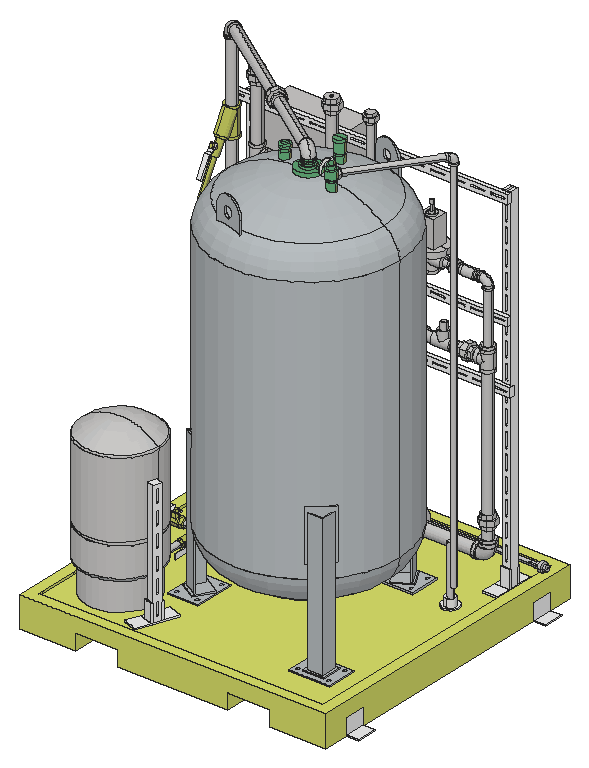
Revit family "Water_Heater-Haws_Corporation-Enclosed_Emergency_Environments_8780", category Plumbing Fixtures, Revit 2018
Family settings
  Round Connector Dimension = Use Diameter
  Part Type = Normal
  OmniClass Number = 23.65.35.11
  Work Plane-Based = No
  Always vertical = Yes
  Cut with Voids When Loaded = No
  Shared = No
  Room Calculation Point = No
Parameters (values of type "8780 - Emergency Water Tempering Skid")
  Waste Connection = WFU = 1  # yes
  WFU = 1  # constant formula
  Voltage = 208 V
  Vent Connection = WFU > 1  # no
  URL = "http://www.hawsco.com/"
  Type Comments = "Skid-mounted tempering system which may supply a number of drench systems or eyewash stations"
  Tubing = Metal - Haws Corporation - Galvanized Steel
  Supply Radius = 5/8"
  Socket = Metal - Haws Corporation - High Polished Stainless Steel
  Skid = Metal - Haws Corporation - Green
  Sanitary Radius = 5/8"
  Product data url = "https://bimobject.com/hawscorporation/product/haws-8780"
  Product Guid = "fce80424-791a-4533-9994-d181b1aada37"
  Power Factor = 0.98475
  Power Consumption = Voltage * Amperage  # 4.16 kW
  Number of Poles = 1
  Flow = 20 GPM
  Expansion Tank = Metal - Haws Corporation - Polished Chrome
  Full Width = 48"  # constant formula
  Model = "8780"
  Manufacturer = "Haws Corporation 1455 Kleppe Lane Sparks, NV 89431"  # constant formula
  Full Length = 60"  # constant formula
  Keynote = "15200"
  HWFU = 1  # constant formula
  HW Connection = HWFU = 1  # yes
  Full Height = 75"  # constant formula
  Edition number = 1
  COLD WATER INLET = 14 1/2"  # constant formula
  Description = "Single or multiple shower and/or eyewash feeder is designed to operate with a number of tempering and electrical options"
  CWFU = 1  # constant formula
  CW Connection = CWFU = 1  # yes
  Storage Tank = Metal - Haws Corporation - Smokey Pearl
  Bracket = Metal - Haws Corporation - Polished Chrome
  BLENDING SYSTEM = Metal - Haws Corporation - Brass
  Assembly Code = "G3010500"
  Apparent Load = Power Consumption / Power Factor  # 4224.41 VA
  Amperage = 20 A
Reference planes
  plane 1 "Center (Front/Back)": y = 0
  plane 2: z = 0
  plane 3 "Center (Left/Right)": x = 0
  plane 4 "Right Piping": x = 541.294
  plane 5 "Blend Center": x = 408.48
  plane 6 "Expansion Line": y = -449.596
  plane 7 "Top Pipe": z = 1819.275
  plane 8 "Down": z = 220.928
  plane 9: y = 590.067
  plane 10: through (0, 0, 2032) normal (-0.5686, -0.8226, 0)
  plane 11: y = 741.262
  plane 12: x = -600.014
  plane 13: x = -854.014
  plane 14: z = 919.797
  plane 15: y = 147.026
  plane 16: x = -72.532
  plane 17: through (149.602, -36.397, 2032) normal (-0.8192, 0.5736, 0)
  plane 18: z = 2218.217
  plane 19: y = 367.753
  plane 20: z = 200.571
  plane 21: z = 196.85
Forms (mm)
  Revolve 1, solid, material "Metal - Haws Corporation - Smokey Pearl" <- "Storage Tank"
    sketch origin (0, 0, 0) x (1, 0, 0) y (0, 0, 1)
      loop
        line (0, 302.709) -> (0, 2127.754)
        arc (0, 2127.754) -> (-201.276, 2102.598) -> (-382.209, 2010.901) r 591.314
        arc (-382.209, 2010.901) -> (-433.641, 1953.02) -> (-458.052, 1879.537) r 192.148
        line (-458.052, 1879.537) -> (-458.052, 550.925)
        arc (-458.052, 550.925) -> (-433.641, 477.443) -> (-382.209, 419.562) r 192.148
        arc (-382.209, 419.562) -> (-201.276, 327.864) -> (0, 302.709) r 591.314
      axis (0, 2127.754) -> (0, 302.709)
    angle from 0 to 360
  Revolve 2, solid, material "Metal - Haws Corporation - Galvanized Steel" <- "Tubing"
    sketch origin (-673.396, -333.012, 2032) x (1, 0, 0) y (0, 0, 1)
      loop
        line (-193.543, -1176.507) -> (-193.543, -1552.938) -> (-190.052, -1552.938) -> (-190.052, -1569.316) -> (-193.543, -1569.316) -> (-193.543, -1716.723)
        arc (-193.543, -1716.723) -> (-189.823, -1725.703) -> (-180.843, -1729.423) r 12.7
        line (-180.843, -1729.423) -> (-168.879, -1729.423) -> (-168.879, -1879.6) -> (0.983, -1879.6) -> (0.983, -1094.705)
        arc (0.983, -1094.705) -> (-100.86, -1113.251) -> (-189.308, -1167.039) r 284.229
        arc (-189.308, -1167.039) -> (-192.436, -1171.321) -> (-193.543, -1176.507) r 12.7
      axis (0.983, -1094.705) -> (0.983, -1879.6)
    angle from 0 to 360
  Extrusion 3, solid, material "Metal - Haws Corporation - Polished Chrome" <- "Bracket"
    sketch origin (-813.056, 634.582, 1927.861) x (0, 0, 1) y (-1, 0, 0)
      loop
        line (-1786.891, 1.587) -> (-1786.891, -39.688) -> (0, -39.688) -> (0, -24.606) -> (-32.834, -24.606)
        arc (-32.834, -24.606) -> (-38.39, -19.05) -> (-32.834, -13.494) r 5.556
        line (-32.834, -13.494) -> (0, -13.494) -> (0, 1.587) -> (-1786.891, 1.587)
      loop
        line (-69.346, -13.494) -> (-134.434, -13.494)
        arc (-134.434, -13.494) -> (-139.99, -19.05) -> (-134.434, -24.606) r 5.556
        line (-134.434, -24.606) -> (-69.346, -24.606)
        arc (-69.346, -24.606) -> (-63.79, -19.05) -> (-69.346, -13.494) r 5.556
      loop
        arc (-272.546, -24.606) -> (-266.99, -19.05) -> (-272.546, -13.494) r 5.556
        line (-272.546, -13.494) -> (-337.634, -13.494)
        arc (-337.634, -13.494) -> (-343.19, -19.05) -> (-337.634, -24.606) r 5.556
        line (-337.634, -24.606) -> (-272.546, -24.606)
      loop
        line (-439.234, -24.606) -> (-374.146, -24.606)
        arc (-374.146, -24.606) -> (-368.59, -19.05) -> (-374.146, -13.494) r 5.556
        line (-374.146, -13.494) -> (-439.234, -13.494)
        arc (-439.234, -13.494) -> (-444.79, -19.05) -> (-439.234, -24.606) r 5.556
      loop
        line (-642.434, -24.606) -> (-577.346, -24.606)
        arc (-577.346, -24.606) -> (-571.79, -19.05) -> (-577.346, -13.494) r 5.556
        line (-577.346, -13.494) -> (-642.434, -13.494)
        arc (-642.434, -13.494) -> (-647.99, -19.05) -> (-642.434, -24.606) r 5.556
      loop
        line (-744.034, -24.606) -> (-678.946, -24.606)
        arc (-678.946, -24.606) -> (-673.39, -19.05) -> (-678.946, -13.494) r 5.556
        line (-678.946, -13.494) -> (-744.034, -13.494)
        arc (-744.034, -13.494) -> (-749.59, -19.05) -> (-744.034, -24.606) r 5.556
      loop
        line (-845.634, -24.606) -> (-780.546, -24.606)
        arc (-780.546, -24.606) -> (-774.99, -19.05) -> (-780.546, -13.494) r 5.556
        line (-780.546, -13.494) -> (-845.634, -13.494)
        arc (-845.634, -13.494) -> (-851.19, -19.05) -> (-845.634, -24.606) r 5.556
      loop
        line (-947.234, -24.606) -> (-882.146, -24.606)
        arc (-882.146, -24.606) -> (-876.59, -19.05) -> (-882.146, -13.494) r 5.556
        line (-882.146, -13.494) -> (-947.234, -13.494)
        arc (-947.234, -13.494) -> (-952.79, -19.05) -> (-947.234, -24.606) r 5.556
      loop
        line (-540.834, -24.606) -> (-475.746, -24.606)
        arc (-475.746, -24.606) -> (-470.19, -19.05) -> (-475.746, -13.494) r 5.556
        line (-475.746, -13.494) -> (-540.834, -13.494)
        arc (-540.834, -13.494) -> (-546.39, -19.05) -> (-540.834, -24.606) r 5.556
      loop
        arc (-170.946, -24.606) -> (-165.39, -19.05) -> (-170.946, -13.494) r 5.556
        line (-170.946, -13.494) -> (-236.034, -13.494)
        arc (-236.034, -13.494) -> (-241.59, -19.05) -> (-236.034, -24.606) r 5.556
        line (-236.034, -24.606) -> (-170.946, -24.606)
      loop
        arc (-1085.346, -24.606) -> (-1079.79, -19.05) -> (-1085.346, -13.494) r 5.556
        line (-1085.346, -13.494) -> (-1150.434, -13.494)
        arc (-1150.434, -13.494) -> (-1155.99, -19.05) -> (-1150.434, -24.606) r 5.556
        line (-1150.434, -24.606) -> (-1085.346, -24.606)
      loop
        line (-1252.034, -24.606) -> (-1186.946, -24.606)
        arc (-1186.946, -24.606) -> (-1181.39, -19.05) -> (-1186.946, -13.494) r 5.556
        line (-1186.946, -13.494) -> (-1252.034, -13.494)
        arc (-1252.034, -13.494) -> (-1257.59, -19.05) -> (-1252.034, -24.606) r 5.556
      loop
        line (-1658.434, -24.606) -> (-1593.346, -24.606)
        arc (-1593.346, -24.606) -> (-1587.79, -19.05) -> (-1593.346, -13.494) r 5.556
        line (-1593.346, -13.494) -> (-1658.434, -13.494)
        arc (-1658.434, -13.494) -> (-1663.99, -19.05) -> (-1658.434, -24.606) r 5.556
      loop
        line (-1760.034, -24.606) -> (-1694.946, -24.606)
        arc (-1694.946, -24.606) -> (-1689.39, -19.05) -> (-1694.946, -13.494) r 5.556
        line (-1694.946, -13.494) -> (-1760.034, -13.494)
        arc (-1760.034, -13.494) -> (-1765.59, -19.05) -> (-1760.034, -24.606) r 5.556
      loop
        arc (-983.746, -24.606) -> (-978.19, -19.05) -> (-983.746, -13.494) r 5.556
        line (-983.746, -13.494) -> (-1048.834, -13.494)
        arc (-1048.834, -13.494) -> (-1054.39, -19.05) -> (-1048.834, -24.606) r 5.556
        line (-1048.834, -24.606) -> (-983.746, -24.606)
      loop
        line (-1353.634, -24.606) -> (-1288.546, -24.606)
        arc (-1288.546, -24.606) -> (-1282.99, -19.05) -> (-1288.546, -13.494) r 5.556
        line (-1288.546, -13.494) -> (-1353.634, -13.494)
        arc (-1353.634, -13.494) -> (-1359.19, -19.05) -> (-1353.634, -24.606) r 5.556
      loop
        arc (-1491.746, -24.606) -> (-1486.19, -19.05) -> (-1491.746, -13.494) r 5.556
        line (-1491.746, -13.494) -> (-1556.834, -13.494)
        arc (-1556.834, -13.494) -> (-1562.39, -19.05) -> (-1556.834, -24.606) r 5.556
        line (-1556.834, -24.606) -> (-1491.746, -24.606)
      loop
        arc (-1390.146, -24.606) -> (-1384.59, -19.05) -> (-1390.146, -13.494) r 5.556
        line (-1390.146, -13.494) -> (-1455.234, -13.494)
        arc (-1455.234, -13.494) -> (-1460.79, -19.05) -> (-1455.234, -24.606) r 5.556
        line (-1455.234, -24.606) -> (-1390.146, -24.606)
      loop
        line (-1786.891, -1319.213) -> (0, -1319.213) -> (0, -1304.131) -> (-32.834, -1304.131)
        arc (-32.834, -1304.131) -> (-38.39, -1298.575) -> (-32.834, -1293.019) r 5.556
        line (-32.834, -1293.019) -> (0, -1293.019) -> (0, -1277.938) -> (-1786.891, -1277.938) -> (-1786.891, -1319.213)
      loop
        arc (-69.346, -1304.131) -> (-63.79, -1298.575) -> (-69.346, -1293.019) r 5.556
        line (-69.346, -1293.019) -> (-134.434, -1293.019)
        arc (-134.434, -1293.019) -> (-139.99, -1298.575) -> (-134.434, -1304.131) r 5.556
        line (-134.434, -1304.131) -> (-69.346, -1304.131)
      loop
        line (-272.546, -1293.019) -> (-337.634, -1293.019)
        arc (-337.634, -1293.019) -> (-343.19, -1298.575) -> (-337.634, -1304.131) r 5.556
        line (-337.634, -1304.131) -> (-272.546, -1304.131)
        arc (-272.546, -1304.131) -> (-266.99, -1298.575) -> (-272.546, -1293.019) r 5.556
      loop
        arc (-439.234, -1293.019) -> (-444.79, -1298.575) -> (-439.234, -1304.131) r 5.556
        line (-439.234, -1304.131) -> (-374.146, -1304.131)
        arc (-374.146, -1304.131) -> (-368.59, -1298.575) -> (-374.146, -1293.019) r 5.556
        line (-374.146, -1293.019) -> (-439.234, -1293.019)
      loop
        arc (-642.434, -1293.019) -> (-647.99, -1298.575) -> (-642.434, -1304.131) r 5.556
        line (-642.434, -1304.131) -> (-577.346, -1304.131)
        arc (-577.346, -1304.131) -> (-571.79, -1298.575) -> (-577.346, -1293.019) r 5.556
        line (-577.346, -1293.019) -> (-642.434, -1293.019)
      loop
        arc (-744.034, -1293.019) -> (-749.59, -1298.575) -> (-744.034, -1304.131) r 5.556
        line (-744.034, -1304.131) -> (-678.946, -1304.131)
        arc (-678.946, -1304.131) -> (-673.39, -1298.575) -> (-678.946, -1293.019) r 5.556
        line (-678.946, -1293.019) -> (-744.034, -1293.019)
      loop
        arc (-845.634, -1293.019) -> (-851.19, -1298.575) -> (-845.634, -1304.131) r 5.556
        line (-845.634, -1304.131) -> (-780.546, -1304.131)
        arc (-780.546, -1304.131) -> (-774.99, -1298.575) -> (-780.546, -1293.019) r 5.556
        line (-780.546, -1293.019) -> (-845.634, -1293.019)
      loop
        arc (-947.234, -1293.019) -> (-952.79, -1298.575) -> (-947.234, -1304.131) r 5.556
        line (-947.234, -1304.131) -> (-882.146, -1304.131)
        arc (-882.146, -1304.131) -> (-876.59, -1298.575) -> (-882.146, -1293.019) r 5.556
        line (-882.146, -1293.019) -> (-947.234, -1293.019)
      loop
        arc (-540.834, -1293.019) -> (-546.39, -1298.575) -> (-540.834, -1304.131) r 5.556
        line (-540.834, -1304.131) -> (-475.746, -1304.131)
        arc (-475.746, -1304.131) -> (-470.19, -1298.575) -> (-475.746, -1293.019) r 5.556
        line (-475.746, -1293.019) -> (-540.834, -1293.019)
      loop
        line (-170.946, -1293.019) -> (-236.034, -1293.019)
        arc (-236.034, -1293.019) -> (-241.59, -1298.575) -> (-236.034, -1304.131) r 5.556
        line (-236.034, -1304.131) -> (-170.946, -1304.131)
        arc (-170.946, -1304.131) -> (-165.39, -1298.575) -> (-170.946, -1293.019) r 5.556
      loop
        line (-1085.346, -1293.019) -> (-1150.434, -1293.019)
        arc (-1150.434, -1293.019) -> (-1155.99, -1298.575) -> (-1150.434, -1304.131) r 5.556
        line (-1150.434, -1304.131) -> (-1085.346, -1304.131)
        arc (-1085.346, -1304.131) -> (-1079.79, -1298.575) -> (-1085.346, -1293.019) r 5.556
      loop
        arc (-1252.034, -1293.019) -> (-1257.59, -1298.575) -> (-1252.034, -1304.131) r 5.556
        line (-1252.034, -1304.131) -> (-1186.946, -1304.131)
        arc (-1186.946, -1304.131) -> (-1181.39, -1298.575) -> (-1186.946, -1293.019) r 5.556
        line (-1186.946, -1293.019) -> (-1252.034, -1293.019)
      loop
        arc (-1658.434, -1293.019) -> (-1663.99, -1298.575) -> (-1658.434, -1304.131) r 5.556
        line (-1658.434, -1304.131) -> (-1593.346, -1304.131)
        arc (-1593.346, -1304.131) -> (-1587.79, -1298.575) -> (-1593.346, -1293.019) r 5.556
        line (-1593.346, -1293.019) -> (-1658.434, -1293.019)
      loop
        arc (-1760.034, -1293.019) -> (-1765.59, -1298.575) -> (-1760.034, -1304.131) r 5.556
        line (-1760.034, -1304.131) -> (-1694.946, -1304.131)
        arc (-1694.946, -1304.131) -> (-1689.39, -1298.575) -> (-1694.946, -1293.019) r 5.556
        line (-1694.946, -1293.019) -> (-1760.034, -1293.019)
      loop
        line (-983.746, -1293.019) -> (-1048.834, -1293.019)
        arc (-1048.834, -1293.019) -> (-1054.39, -1298.575) -> (-1048.834, -1304.131) r 5.556
        line (-1048.834, -1304.131) -> (-983.746, -1304.131)
        arc (-983.746, -1304.131) -> (-978.19, -1298.575) -> (-983.746, -1293.019) r 5.556
      loop
        arc (-1353.634, -1293.019) -> (-1359.19, -1298.575) -> (-1353.634, -1304.131) r 5.556
        line (-1353.634, -1304.131) -> (-1288.546, -1304.131)
        arc (-1288.546, -1304.131) -> (-1282.99, -1298.575) -> (-1288.546, -1293.019) r 5.556
        line (-1288.546, -1293.019) -> (-1353.634, -1293.019)
      loop
        line (-1491.746, -1293.019) -> (-1556.834, -1293.019)
        arc (-1556.834, -1293.019) -> (-1562.39, -1298.575) -> (-1556.834, -1304.131) r 5.556
        line (-1556.834, -1304.131) -> (-1491.746, -1304.131)
        arc (-1491.746, -1304.131) -> (-1486.19, -1298.575) -> (-1491.746, -1293.019) r 5.556
      loop
        line (-1390.146, -1293.019) -> (-1455.234, -1293.019)
        arc (-1455.234, -1293.019) -> (-1460.79, -1298.575) -> (-1455.234, -1304.131) r 5.556
        line (-1455.234, -1304.131) -> (-1390.146, -1304.131)
        arc (-1390.146, -1304.131) -> (-1384.59, -1298.575) -> (-1390.146, -1293.019) r 5.556
      loop
        line (-1778, -249.237) -> (-1778, -290.624) -> (-863.6, -290.624) -> (-863.6, -249.237) -> (-1778, -249.237)
      loop
        line (-1251.712, -275.431) -> (-1186.624, -275.431)
        arc (-1186.624, -275.431) -> (-1181.124, -269.931) -> (-1186.624, -264.43) r 5.501
        line (-1186.624, -264.43) -> (-1251.712, -264.43)
        arc (-1251.712, -264.43) -> (-1257.213, -269.931) -> (-1251.712, -275.431) r 5.501
      loop
        line (-1150.112, -275.431) -> (-1085.024, -275.431)
        arc (-1085.024, -275.431) -> (-1079.524, -269.931) -> (-1085.024, -264.43) r 5.501
        line (-1085.024, -264.43) -> (-1150.112, -264.43)
        arc (-1150.112, -264.43) -> (-1155.613, -269.931) -> (-1150.112, -275.431) r 5.501
      loop
        line (-1353.312, -275.431) -> (-1288.225, -275.431)
        arc (-1288.225, -275.431) -> (-1282.724, -269.931) -> (-1288.225, -264.43) r 5.501
        line (-1288.225, -264.43) -> (-1353.312, -264.43)
        arc (-1353.312, -264.43) -> (-1358.813, -269.931) -> (-1353.312, -275.431) r 5.501
      loop
        line (-1454.912, -275.431) -> (-1389.825, -275.431)
        arc (-1389.825, -275.431) -> (-1384.324, -269.931) -> (-1389.825, -264.43) r 5.501
        line (-1389.825, -264.43) -> (-1454.912, -264.43)
        arc (-1454.912, -264.43) -> (-1460.413, -269.931) -> (-1454.912, -275.431) r 5.501
      loop
        line (-1556.512, -275.431) -> (-1491.425, -275.431)
        arc (-1491.425, -275.431) -> (-1485.924, -269.931) -> (-1491.425, -264.43) r 5.501
        line (-1491.425, -264.43) -> (-1556.512, -264.43)
        arc (-1556.512, -264.43) -> (-1562.013, -269.931) -> (-1556.512, -275.431) r 5.501
      loop
        line (-1048.512, -275.431) -> (-983.424, -275.431)
        arc (-983.424, -275.431) -> (-977.924, -269.931) -> (-983.424, -264.43) r 5.501
        line (-983.424, -264.43) -> (-1048.512, -264.43)
        arc (-1048.512, -264.43) -> (-1054.013, -269.931) -> (-1048.512, -275.431) r 5.501
      loop
        line (-946.793, -275.431) -> (-881.705, -275.431)
        arc (-881.705, -275.431) -> (-876.205, -269.931) -> (-881.705, -264.43) r 5.501
        line (-881.705, -264.43) -> (-946.793, -264.43)
        arc (-946.793, -264.43) -> (-952.294, -269.931) -> (-946.793, -275.431) r 5.501
      loop
        line (-1658.112, -275.431) -> (-1593.025, -275.431)
        arc (-1593.025, -275.431) -> (-1587.524, -269.931) -> (-1593.025, -264.43) r 5.501
        line (-1593.025, -264.43) -> (-1658.112, -264.43)
        arc (-1658.112, -264.43) -> (-1663.613, -269.931) -> (-1658.112, -275.431) r 5.501
      loop
        line (-1759.712, -275.431) -> (-1694.625, -275.431)
        arc (-1694.625, -275.431) -> (-1689.124, -269.931) -> (-1694.625, -264.43) r 5.501
        line (-1694.625, -264.43) -> (-1759.712, -264.43)
        arc (-1759.712, -264.43) -> (-1765.213, -269.931) -> (-1759.712, -275.431) r 5.501
    from -41.275 to 0
  Extrusion 4, solid, material "Metal - Haws Corporation - Polished Chrome" <- "Bracket"
    sketch origin (-814.644, 613.945, 1372.299) x (1, 0, 0) y (0, 0, 1)
      loop
        line (1320.8, 549.212) -> (-76.2, 549.212) -> (-76.2, 507.238) -> (1320.8, 507.238) -> (1320.8, 549.212)
      loop
        line (1138.885, 523.456) -> (1204.849, 523.456)
        arc (1204.849, 523.456) -> (1209.967, 528.574) -> (1204.849, 533.692) r 5.118
        line (1204.849, 533.692) -> (1138.885, 533.692)
        arc (1138.885, 533.692) -> (1133.767, 528.574) -> (1138.885, 523.456) r 5.118
      loop
        line (1038.809, 523.456) -> (1104.773, 523.456)
        arc (1104.773, 523.456) -> (1109.891, 528.574) -> (1104.773, 533.692) r 5.118
        line (1104.773, 533.692) -> (1038.809, 533.692)
        arc (1038.809, 533.692) -> (1033.691, 528.574) -> (1038.809, 523.456) r 5.118
      loop
        line (1238.961, 523.456) -> (1304.925, 523.456)
        arc (1304.925, 523.456) -> (1310.043, 528.574) -> (1304.925, 533.692) r 5.118
        line (1304.925, 533.692) -> (1238.961, 533.692)
        arc (1238.961, 533.692) -> (1233.843, 528.574) -> (1238.961, 523.456) r 5.118
      loop
        line (938.733, 523.456) -> (1004.697, 523.456)
        arc (1004.697, 523.456) -> (1009.815, 528.574) -> (1004.697, 533.692) r 5.118
        line (1004.697, 533.692) -> (938.733, 533.692)
        arc (938.733, 533.692) -> (933.615, 528.574) -> (938.733, 523.456) r 5.118
      loop
        line (838.657, 523.456) -> (904.621, 523.456)
        arc (904.621, 523.456) -> (909.739, 528.574) -> (904.621, 533.692) r 5.118
        line (904.621, 533.692) -> (838.657, 533.692)
        arc (838.657, 533.692) -> (833.539, 528.574) -> (838.657, 523.456) r 5.118
      loop
        line (738.581, 523.456) -> (804.545, 523.456)
        arc (804.545, 523.456) -> (809.663, 528.574) -> (804.545, 533.692) r 5.118
        line (804.545, 533.692) -> (738.581, 533.692)
        arc (738.581, 533.692) -> (733.463, 528.574) -> (738.581, 523.456) r 5.118
      loop
        line (638.505, 523.456) -> (704.469, 523.456)
        arc (704.469, 523.456) -> (709.587, 528.574) -> (704.469, 533.692) r 5.118
        line (704.469, 533.692) -> (638.505, 533.692)
        arc (638.505, 533.692) -> (633.387, 528.574) -> (638.505, 523.456) r 5.118
      loop
        line (538.429, 523.456) -> (604.393, 523.456)
        arc (604.393, 523.456) -> (609.511, 528.574) -> (604.393, 533.692) r 5.118
        line (604.393, 533.692) -> (538.429, 533.692)
        arc (538.429, 533.692) -> (533.311, 528.574) -> (538.429, 523.456) r 5.118
      loop
        line (438.353, 523.456) -> (504.317, 523.456)
        arc (504.317, 523.456) -> (509.435, 528.574) -> (504.317, 533.692) r 5.118
        line (504.317, 533.692) -> (438.353, 533.692)
        arc (438.353, 533.692) -> (433.235, 528.574) -> (438.353, 523.456) r 5.118
      loop
        line (338.277, 523.456) -> (404.241, 523.456)
        arc (404.241, 523.456) -> (409.359, 528.574) -> (404.241, 533.692) r 5.118
        line (404.241, 533.692) -> (338.277, 533.692)
        arc (338.277, 533.692) -> (333.159, 528.574) -> (338.277, 523.456) r 5.118
      loop
        line (238.201, 523.456) -> (304.165, 523.456)
        arc (304.165, 523.456) -> (309.283, 528.574) -> (304.165, 533.692) r 5.118
        line (304.165, 533.692) -> (238.201, 533.692)
        arc (238.201, 533.692) -> (233.083, 528.574) -> (238.201, 523.456) r 5.118
      loop
        line (138.125, 523.456) -> (204.089, 523.456)
        arc (204.089, 523.456) -> (209.207, 528.574) -> (204.089, 533.692) r 5.118
        line (204.089, 533.692) -> (138.125, 533.692)
        arc (138.125, 533.692) -> (133.007, 528.574) -> (138.125, 523.456) r 5.118
      loop
        line (38.049, 523.456) -> (104.013, 523.456)
        arc (104.013, 523.456) -> (109.131, 528.574) -> (104.013, 533.692) r 5.118
        line (104.013, 533.692) -> (38.049, 533.692)
        arc (38.049, 533.692) -> (32.931, 528.574) -> (38.049, 523.456) r 5.118
      loop
        line (-62.027, 523.456) -> (3.937, 523.456)
        arc (3.937, 523.456) -> (9.055, 528.574) -> (3.937, 533.692) r 5.118
        line (3.937, 533.692) -> (-62.027, 533.692)
        arc (-62.027, 533.692) -> (-67.145, 528.574) -> (-62.027, 523.456) r 5.118
      loop
        line (1320.8, 1.588) -> (-76.2, 1.588) -> (-76.2, -40.386) -> (1320.8, -40.386) -> (1320.8, 1.588)
      loop
        line (1138.885, -24.168) -> (1204.849, -24.168)
        arc (1204.849, -24.168) -> (1209.967, -19.05) -> (1204.849, -13.932) r 5.118
        line (1204.849, -13.932) -> (1138.885, -13.932)
        arc (1138.885, -13.932) -> (1133.767, -19.05) -> (1138.885, -24.168) r 5.118
      loop
        line (1038.809, -24.168) -> (1104.773, -24.168)
        arc (1104.773, -24.168) -> (1109.891, -19.05) -> (1104.773, -13.932) r 5.118
        line (1104.773, -13.932) -> (1038.809, -13.932)
        arc (1038.809, -13.932) -> (1033.691, -19.05) -> (1038.809, -24.168) r 5.118
      loop
        line (1238.961, -24.168) -> (1304.925, -24.168)
        arc (1304.925, -24.168) -> (1310.043, -19.05) -> (1304.925, -13.932) r 5.118
        line (1304.925, -13.932) -> (1238.961, -13.932)
        arc (1238.961, -13.932) -> (1233.843, -19.05) -> (1238.961, -24.168) r 5.118
      loop
        line (938.733, -24.168) -> (1004.697, -24.168)
        arc (1004.697, -24.168) -> (1009.815, -19.05) -> (1004.697, -13.932) r 5.118
        line (1004.697, -13.932) -> (938.733, -13.932)
        arc (938.733, -13.932) -> (933.615, -19.05) -> (938.733, -24.168) r 5.118
      loop
        line (838.657, -24.168) -> (904.621, -24.168)
        arc (904.621, -24.168) -> (909.739, -19.05) -> (904.621, -13.932) r 5.118
        line (904.621, -13.932) -> (838.657, -13.932)
        arc (838.657, -13.932) -> (833.539, -19.05) -> (838.657, -24.168) r 5.118
      loop
        line (738.581, -24.168) -> (804.545, -24.168)
        arc (804.545, -24.168) -> (809.663, -19.05) -> (804.545, -13.932) r 5.118
        line (804.545, -13.932) -> (738.581, -13.932)
        arc (738.581, -13.932) -> (733.463, -19.05) -> (738.581, -24.168) r 5.118
      loop
        line (638.505, -24.168) -> (704.469, -24.168)
        arc (704.469, -24.168) -> (709.587, -19.05) -> (704.469, -13.932) r 5.118
        line (704.469, -13.932) -> (638.505, -13.932)
        arc (638.505, -13.932) -> (633.387, -19.05) -> (638.505, -24.168) r 5.118
      loop
        line (538.429, -24.168) -> (604.393, -24.168)
        arc (604.393, -24.168) -> (609.511, -19.05) -> (604.393, -13.932) r 5.118
        line (604.393, -13.932) -> (538.429, -13.932)
        arc (538.429, -13.932) -> (533.311, -19.05) -> (538.429, -24.168) r 5.118
      loop
        line (438.353, -24.168) -> (504.317, -24.168)
        arc (504.317, -24.168) -> (509.435, -19.05) -> (504.317, -13.932) r 5.118
        line (504.317, -13.932) -> (438.353, -13.932)
        arc (438.353, -13.932) -> (433.235, -19.05) -> (438.353, -24.168) r 5.118
      loop
        line (338.277, -24.168) -> (404.241, -24.168)
        arc (404.241, -24.168) -> (409.359, -19.05) -> (404.241, -13.932) r 5.118
        line (404.241, -13.932) -> (338.277, -13.932)
        arc (338.277, -13.932) -> (333.159, -19.05) -> (338.277, -24.168) r 5.118
      loop
        line (238.201, -24.168) -> (304.165, -24.168)
        arc (304.165, -24.168) -> (309.283, -19.05) -> (304.165, -13.932) r 5.118
        line (304.165, -13.932) -> (238.201, -13.932)
        arc (238.201, -13.932) -> (233.083, -19.05) -> (238.201, -24.168) r 5.118
      loop
        line (138.125, -24.168) -> (204.089, -24.168)
        arc (204.089, -24.168) -> (209.207, -19.05) -> (204.089, -13.932) r 5.118
        line (204.089, -13.932) -> (138.125, -13.932)
        arc (138.125, -13.932) -> (133.007, -19.05) -> (138.125, -24.168) r 5.118
      loop
        line (38.049, -24.168) -> (104.013, -24.168)
        arc (104.013, -24.168) -> (109.131, -19.05) -> (104.013, -13.932) r 5.118
        line (104.013, -13.932) -> (38.049, -13.932)
        arc (38.049, -13.932) -> (32.931, -19.05) -> (38.049, -24.168) r 5.118
      loop
        line (-62.027, -24.168) -> (3.937, -24.168)
        arc (3.937, -24.168) -> (9.055, -19.05) -> (3.937, -13.932) r 5.118
        line (3.937, -13.932) -> (-62.027, -13.932)
        arc (-62.027, -13.932) -> (-67.145, -19.05) -> (-62.027, -24.168) r 5.118
      loop
        line (1331.723, -311.214) -> (-65.277, -311.214) -> (-65.277, -353.187) -> (1331.723, -353.187) -> (1331.723, -311.214)
      loop
        line (1149.808, -336.969) -> (1215.772, -336.969)
        arc (1215.772, -336.969) -> (1220.89, -331.851) -> (1215.772, -326.733) r 5.118
        line (1215.772, -326.733) -> (1149.808, -326.733)
        arc (1149.808, -326.733) -> (1144.69, -331.851) -> (1149.808, -336.969) r 5.118
      loop
        line (1049.732, -336.969) -> (1115.696, -336.969)
        arc (1115.696, -336.969) -> (1120.814, -331.851) -> (1115.696, -326.733) r 5.118
        line (1115.696, -326.733) -> (1049.732, -326.733)
        arc (1049.732, -326.733) -> (1044.614, -331.851) -> (1049.732, -336.969) r 5.118
      loop
        line (1249.884, -336.969) -> (1315.848, -336.969)
        arc (1315.848, -336.969) -> (1320.966, -331.851) -> (1315.848, -326.733) r 5.118
        line (1315.848, -326.733) -> (1249.884, -326.733)
        arc (1249.884, -326.733) -> (1244.766, -331.851) -> (1249.884, -336.969) r 5.118
      loop
        line (949.656, -336.969) -> (1015.62, -336.969)
        arc (1015.62, -336.969) -> (1020.738, -331.851) -> (1015.62, -326.733) r 5.118
        line (1015.62, -326.733) -> (949.656, -326.733)
        arc (949.656, -326.733) -> (944.538, -331.851) -> (949.656, -336.969) r 5.118
      loop
        line (849.58, -336.969) -> (915.544, -336.969)
        arc (915.544, -336.969) -> (920.662, -331.851) -> (915.544, -326.733) r 5.118
        line (915.544, -326.733) -> (849.58, -326.733)
        arc (849.58, -326.733) -> (844.462, -331.851) -> (849.58, -336.969) r 5.118
      loop
        line (749.504, -336.969) -> (815.468, -336.969)
        arc (815.468, -336.969) -> (820.586, -331.851) -> (815.468, -326.733) r 5.118
        line (815.468, -326.733) -> (749.504, -326.733)
        arc (749.504, -326.733) -> (744.386, -331.851) -> (749.504, -336.969) r 5.118
      loop
        line (649.428, -336.969) -> (715.392, -336.969)
        arc (715.392, -336.969) -> (720.51, -331.851) -> (715.392, -326.733) r 5.118
        line (715.392, -326.733) -> (649.428, -326.733)
        arc (649.428, -326.733) -> (644.31, -331.851) -> (649.428, -336.969) r 5.118
      loop
        line (549.352, -336.969) -> (615.316, -336.969)
        arc (615.316, -336.969) -> (620.434, -331.851) -> (615.316, -326.733) r 5.118
        line (615.316, -326.733) -> (549.352, -326.733)
        arc (549.352, -326.733) -> (544.234, -331.851) -> (549.352, -336.969) r 5.118
      loop
        line (449.276, -336.969) -> (515.24, -336.969)
        arc (515.24, -336.969) -> (520.358, -331.851) -> (515.24, -326.733) r 5.118
        line (515.24, -326.733) -> (449.276, -326.733)
        arc (449.276, -326.733) -> (444.158, -331.851) -> (449.276, -336.969) r 5.118
      loop
        line (349.2, -336.969) -> (415.164, -336.969)
        arc (415.164, -336.969) -> (420.282, -331.851) -> (415.164, -326.733) r 5.118
        line (415.164, -326.733) -> (349.2, -326.733)
        arc (349.2, -326.733) -> (344.082, -331.851) -> (349.2, -336.969) r 5.118
      loop
        line (249.124, -336.969) -> (315.088, -336.969)
        arc (315.088, -336.969) -> (320.206, -331.851) -> (315.088, -326.733) r 5.118
        line (315.088, -326.733) -> (249.124, -326.733)
        arc (249.124, -326.733) -> (244.006, -331.851) -> (249.124, -336.969) r 5.118
      loop
        line (149.048, -336.969) -> (215.012, -336.969)
        arc (215.012, -336.969) -> (220.13, -331.851) -> (215.012, -326.733) r 5.118
        line (215.012, -326.733) -> (149.048, -326.733)
        arc (149.048, -326.733) -> (143.93, -331.851) -> (149.048, -336.969) r 5.118
      loop
        line (48.972, -336.969) -> (114.936, -336.969)
        arc (114.936, -336.969) -> (120.054, -331.851) -> (114.936, -326.733) r 5.118
        line (114.936, -326.733) -> (48.972, -326.733)
        arc (48.972, -326.733) -> (43.854, -331.851) -> (48.972, -336.969) r 5.118
      loop
        line (-51.104, -336.969) -> (14.86, -336.969)
        arc (14.86, -336.969) -> (19.978, -331.851) -> (14.86, -326.733) r 5.118
        line (14.86, -326.733) -> (-51.104, -326.733)
        arc (-51.104, -326.733) -> (-56.222, -331.851) -> (-51.104, -336.969) r 5.118
    from -20.637 to 0
  Extrusion 5, solid, material "Metal - Haws Corporation - Galvanized Steel"
    sketch origin (-813.056, 675.857, 1927.861) x (0, 0, -1) y (-1, 0, 0)
      loop
        line (47.587, -471.208) -> (554.063, -471.208) -> (554.063, -66.332) -> (47.587, -66.332) -> (47.587, -471.208)
    from -33.325 to 141.935
  Revolve 6, solid, material "Metal - Haws Corporation - Green Powder Coating"
    sketch origin (0, 0, 0) x (1, 0, 0) y (0, 0, 1)
      loop
        line (0, 2127.082) -> (61.824, 2127.082) -> (61.824, 2144.395) -> (20.23, 2144.395) -> (20.23, 2147.545) -> (35.844, 2147.545) -> (35.844, 2156.168) -> (24.003, 2156.168) -> (24.003, 2168.84) -> (29.748, 2168.84)
        arc (29.748, 2168.84) -> (30.677, 2169.225) -> (31.061, 2170.153) r 1.313
        line (31.061, 2170.153) -> (31.061, 2177.212)
        arc (31.061, 2177.212) -> (30.759, 2178.041) -> (29.995, 2178.482) r 1.29
        arc (29.995, 2178.482) -> (28.889, 2179.16) -> (28.543, 2180.41) r 1.77
        line (28.543, 2180.41) -> (28.543, 2186.379) -> (0, 2186.379) -> (0, 2127.082)
      axis (0, 2127.082) -> (0, 2186.379)
    angle from 0 to 360
  Extrusion 7, void
    sketch origin (0, -449.596, 0) x (-1, 0, 0) y (0, 0, 1)
      loop
        line (907.989, 152.4) -> (-514.411, 152.4) -> (-514.411, 140.97) -> (907.989, 140.97) -> (907.989, 152.4)
    from -99.939 to 1322.461
  Extrusion 8, solid, material "Metal - Haws Corporation - Polished Chrome" <- "Bracket"
    sketch origin (-897.194, 717.132, 1018.223) x (0, 0, 1) y (1, 0, 0)
      loop
        line (-39.687, 0) -> (-24.383, 0) -> (-24.383, 51.562)
        arc (-24.383, 51.562) -> (-18.939, 57.007) -> (-13.494, 51.562) r 5.445
        line (-13.494, 51.562) -> (-13.494, 0) -> (1.588, 0) -> (1.588, 374.65) -> (-39.687, 374.65) -> (-39.687, 0)
      loop
        line (-13.494, 189.674) -> (-13.494, 254.762)
        arc (-13.494, 254.762) -> (-18.939, 260.207) -> (-24.383, 254.762) r 5.445
        line (-24.383, 254.762) -> (-24.383, 189.674)
        arc (-24.383, 189.674) -> (-18.939, 184.23) -> (-13.494, 189.674) r 5.445
      loop
        line (-13.494, 290.671) -> (-13.494, 355.759)
        arc (-13.494, 355.759) -> (-18.939, 361.204) -> (-24.383, 355.759) r 5.445
        line (-24.383, 355.759) -> (-24.383, 290.671)
        arc (-24.383, 290.671) -> (-18.939, 285.226) -> (-13.494, 290.671) r 5.445
      loop
        line (-13.494, 88.074) -> (-13.494, 153.162)
        arc (-13.494, 153.162) -> (-18.939, 158.607) -> (-24.383, 153.162) r 5.445
        line (-24.383, 153.162) -> (-24.383, 88.074)
        arc (-24.383, 88.074) -> (-18.939, 82.63) -> (-13.494, 88.074) r 5.445
      loop
        line (-414.338, 0) -> (-373.063, 0) -> (-373.063, 508) -> (-414.338, 508) -> (-414.338, 0)
      loop
        line (-388.144, 323.024) -> (-388.144, 388.112)
        arc (-388.144, 388.112) -> (-393.589, 393.557) -> (-399.033, 388.112) r 5.445
        line (-399.033, 388.112) -> (-399.033, 323.024)
        arc (-399.033, 323.024) -> (-393.589, 317.58) -> (-388.144, 323.024) r 5.445
      loop
        line (-388.144, 424.021) -> (-388.144, 489.109)
        arc (-388.144, 489.109) -> (-393.589, 494.554) -> (-399.033, 489.109) r 5.445
        line (-399.033, 489.109) -> (-399.033, 424.021)
        arc (-399.033, 424.021) -> (-393.589, 418.576) -> (-388.144, 424.021) r 5.445
      loop
        line (-388.144, 221.424) -> (-388.144, 286.512)
        arc (-388.144, 286.512) -> (-393.589, 291.957) -> (-399.033, 286.512) r 5.445
        line (-399.033, 286.512) -> (-399.033, 221.424)
        arc (-399.033, 221.424) -> (-393.589, 215.98) -> (-388.144, 221.424) r 5.445
      loop
        line (-388.144, 120.428) -> (-388.144, 185.515)
        arc (-388.144, 185.515) -> (-393.589, 190.96) -> (-399.033, 185.515) r 5.445
        line (-399.033, 185.515) -> (-399.033, 120.428)
        arc (-399.033, 120.428) -> (-393.589, 114.983) -> (-388.144, 120.428) r 5.445
      loop
        line (-388.144, 18.828) -> (-388.144, 83.915)
        arc (-388.144, 83.915) -> (-393.589, 89.36) -> (-399.033, 83.915) r 5.445
        line (-399.033, 83.915) -> (-399.033, 18.828)
        arc (-399.033, 18.828) -> (-393.589, 13.383) -> (-388.144, 18.828) r 5.445
    from 0 to -41.275
  Extrusion 9, solid, material "Metal - Haws Corporation - Polished Chrome" <- "Bracket"
    sketch origin (-561.279, 331.338, 1673.861) x (0, 0, 1) y (0, 1, 0)
      loop
        line (-341.249, -41.243) -> (-299.974, -41.243) -> (-299.974, 282.607) -> (-341.249, 282.607) -> (-341.249, -41.243)
      loop
        line (-315.055, 78.645) -> (-315.055, 143.732)
        arc (-315.055, 143.732) -> (-320.612, 149.288) -> (-326.168, 143.732) r 5.556
        line (-326.168, 143.732) -> (-326.168, 78.645)
        arc (-326.168, 78.645) -> (-320.612, 73.088) -> (-315.055, 78.645) r 5.556
      loop
        line (-315.055, 180.245) -> (-315.055, 245.332)
        arc (-315.055, 245.332) -> (-320.612, 250.889) -> (-326.168, 245.332) r 5.556
        line (-326.168, 245.332) -> (-326.168, 180.245)
        arc (-326.168, 180.245) -> (-320.612, 174.688) -> (-315.055, 180.245) r 5.556
      loop
        line (-315.055, -22.955) -> (-315.055, 42.132)
        arc (-315.055, 42.132) -> (-320.612, 47.688) -> (-326.168, 42.132) r 5.556
        line (-326.168, 42.132) -> (-326.168, -22.955)
        arc (-326.168, -22.955) -> (-320.612, -28.512) -> (-315.055, -22.955) r 5.556
    from 0 to 41.275
  Extrusion 10, solid, material "Metal - Haws Corporation - Polished Chrome" <- "Bracket"
    sketch origin (-522.544, 636.17, 1064.261) x (0, 0, 1) y (0, -1, 0)
      loop
        line (-460.375, -39.687) -> (-419.1, -39.687) -> (-419.1, 341.313) -> (-460.375, 341.313) -> (-460.375, -39.687)
      loop
        line (-434.181, 80.201) -> (-434.181, 145.288)
        arc (-434.181, 145.288) -> (-439.738, 150.844) -> (-445.294, 145.288) r 5.556
        line (-445.294, 145.288) -> (-445.294, 80.201)
        arc (-445.294, 80.201) -> (-439.738, 74.644) -> (-434.181, 80.201) r 5.556
      loop
        line (-434.181, 181.801) -> (-434.181, 246.888)
        arc (-434.181, 246.888) -> (-439.738, 252.444) -> (-445.294, 246.888) r 5.556
        line (-445.294, 246.888) -> (-445.294, 181.801)
        arc (-445.294, 181.801) -> (-439.738, 176.244) -> (-434.181, 181.801) r 5.556
      loop
        line (-434.181, -21.399) -> (-434.181, 43.688)
        arc (-434.181, 43.688) -> (-439.738, 49.244) -> (-445.294, 43.688) r 5.556
        line (-445.294, 43.688) -> (-445.294, -21.399)
        arc (-445.294, -21.399) -> (-439.738, -26.956) -> (-434.181, -21.399) r 5.556
    from 0 to 43.815
  Extrusion 11, solid, material "Metal - Haws Corporation - Smokey Pearl" <- "Storage Tank"
    sketch origin (-100.025, -374.199, 1762.76) x (0, 0, 1) y (-0.965926, 0.258819, 0)
      loop
        arc (302.26, -76.2) -> (378.46, 0) -> (302.26, 76.2) r 76.2
        line (302.26, 76.2) -> (232.41, 76.2) -> (232.41, -76.2) -> (302.26, -76.2)
      loop
        circle (302.26, 0) r 25.4
    from -6.35 to 0
  Extrusion 12, solid, material "Metal - Haws Corporation - Smokey Pearl" <- "Storage Tank"
    sketch origin (99.322, 369.776, 1762.76) x (0, 0, 1) y (-0.965926, 0.258819, 0)
      loop
        arc (302.26, -76.2) -> (378.46, 0) -> (302.26, 76.2) r 76.2
        line (302.26, 76.2) -> (232.41, 76.2) -> (232.41, -76.2) -> (302.26, -76.2)
      loop
        circle (302.26, 0) r 25.4
    from -6.35 to 0
  Extrusion 13, solid, material "Metal - Haws Corporation - Smokey Pearl" <- "Storage Tank"
    sketch origin (0.228, -0.047, 852.17) x (0, 1, 0) y (-1, 0, 0)
      loop
        line (-172.21, 434.513) -> (-166.71, 431.338) -> (-131.785, 491.83) -> (-71.294, 456.905) -> (-68.119, 462.404) -> (-134.11, 500.504) -> (-172.21, 434.513)
    from 0 to -699.77
  Extrusion 14, solid, material "Metal - Haws Corporation - Smokey Pearl" <- "Storage Tank"
    sketch origin (-0.073, 0.221, 852.17) x (-0.866003, -0.500039, 0) y (0.500039, -0.866003, 0)
      loop
        line (-172.21, 434.513) -> (-166.71, 431.338) -> (-131.785, 491.83) -> (-71.294, 456.905) -> (-68.119, 462.404) -> (-134.11, 500.504) -> (-172.21, 434.513)
    from 0 to -699.77
  Extrusion 15, solid, material "Metal - Haws Corporation - Smokey Pearl" <- "Storage Tank"
    sketch origin (-0.155, -0.174, 852.17) x (0.8657, -0.500564, 0) y (0.500564, 0.8657, 0)
      loop
        line (-172.21, 434.513) -> (-166.71, 431.338) -> (-131.785, 491.83) -> (-71.294, 456.905) -> (-68.119, 462.404) -> (-134.11, 500.504) -> (-172.21, 434.513)
    from 0 to -699.77
  Extrusion 16, solid, material "Metal - Haws Corporation - Smokey Pearl" <- "Storage Tank"
    sketch origin (-372.03, -18.611, 147.32) x (0, 1, 0) y (-1, 0, 0)
      loop
        line (-203.2, 152.4) -> (-203.2, 0) -> (0, 0) -> (0, 152.4) -> (-203.2, 152.4)
      loop
        circle (-177.789, 127.023) r 7.919
      loop
        circle (-177.789, 25.377) r 7.919
      loop
        circle (-25.411, 127.023) r 7.919
      loop
        circle (-25.411, 25.377) r 7.919
      loop
        line (390.823, -594.023) -> (543.223, -594.023) -> (543.223, -390.823) -> (390.823, -390.823) -> (390.823, -594.023)
      loop
        circle (416.2, -568.611) r 7.919
      loop
        circle (517.846, -568.611) r 7.919
      loop
        circle (416.2, -416.234) r 7.919
      loop
        circle (517.846, -416.234) r 7.919
      loop
        line (-385.93, -802.153) -> (-233.53, -802.153) -> (-233.53, -598.953) -> (-385.93, -598.953) -> (-385.93, -802.153)
      loop
        circle (-360.554, -776.742) r 7.919
      loop
        circle (-258.907, -776.742) r 7.919
      loop
        circle (-360.554, -624.364) r 7.919
      loop
        circle (-258.907, -624.364) r 7.919
    from -6.35 to 0
  Extrusion 17, solid, material "Metal - Haws Corporation - Smokey Pearl" <- "Storage Tank"
    sketch origin (-372.03, -18.611, 147.32) x (0, 1, 0) y (-1, 0, 0)
      loop
        line (-360.53, -751.353) -> (-258.93, -751.353) -> (-258.93, -649.753) -> (-360.53, -649.753) -> (-360.53, -751.353)
      loop
        line (536.417, -511.017) -> (485.617, -423.029) -> (397.629, -473.829) -> (448.429, -561.817) -> (536.417, -511.017)
      loop
        line (-120.194, 145.594) -> (-170.994, 57.606) -> (-83.006, 6.806) -> (-32.206, 94.794) -> (-120.194, 145.594)
    from 0 to 6.35
  Extrusion 18, solid, material "Metal - Haws Corporation - Polished Chrome" <- "Bracket"
    sketch origin (-561.279, 331.338, 1673.861) x (0, 0, 1) y (0, 1, 0)
      loop
        line (-1521.461, 1.588) -> (-1521.461, -39.687) -> (0, -39.687) -> (0, 1.587) -> (-1521.461, 1.588)
      loop
        line (-18.347, -13.302) -> (-82.819, -13.302)
        arc (-82.819, -13.302) -> (-88.413, -18.896) -> (-82.819, -24.49) r 5.594
        line (-82.819, -24.49) -> (-18.347, -24.49)
        arc (-18.347, -24.49) -> (-12.753, -18.896) -> (-18.347, -13.302) r 5.594
      loop
        line (-119.947, -13.302) -> (-184.419, -13.302)
        arc (-184.419, -13.302) -> (-190.013, -18.896) -> (-184.419, -24.49) r 5.594
        line (-184.419, -24.49) -> (-119.947, -24.49)
        arc (-119.947, -24.49) -> (-114.353, -18.896) -> (-119.947, -13.302) r 5.594
      loop
        line (-221.547, -13.302) -> (-286.019, -13.302)
        arc (-286.019, -13.302) -> (-291.613, -18.896) -> (-286.019, -24.49) r 5.594
        line (-286.019, -24.49) -> (-221.547, -24.49)
        arc (-221.547, -24.49) -> (-215.953, -18.896) -> (-221.547, -13.302) r 5.594
      loop
        line (-323.147, -13.302) -> (-387.619, -13.302)
        arc (-387.619, -13.302) -> (-393.213, -18.896) -> (-387.619, -24.49) r 5.594
        line (-387.619, -24.49) -> (-323.147, -24.49)
        arc (-323.147, -24.49) -> (-317.553, -18.896) -> (-323.147, -13.302) r 5.594
      loop
        line (-424.747, -13.302) -> (-489.219, -13.302)
        arc (-489.219, -13.302) -> (-494.813, -18.896) -> (-489.219, -24.49) r 5.594
        line (-489.219, -24.49) -> (-424.747, -24.49)
        arc (-424.747, -24.49) -> (-419.153, -18.896) -> (-424.747, -13.302) r 5.594
      loop
        line (-526.347, -13.302) -> (-590.819, -13.302)
        arc (-590.819, -13.302) -> (-596.413, -18.896) -> (-590.819, -24.49) r 5.594
        line (-590.819, -24.49) -> (-526.347, -24.49)
        arc (-526.347, -24.49) -> (-520.753, -18.896) -> (-526.347, -13.302) r 5.594
      loop
        line (-627.947, -13.302) -> (-692.419, -13.302)
        arc (-692.419, -13.302) -> (-698.013, -18.896) -> (-692.419, -24.49) r 5.594
        line (-692.419, -24.49) -> (-627.947, -24.49)
        arc (-627.947, -24.49) -> (-622.353, -18.896) -> (-627.947, -13.302) r 5.594
      loop
        line (-729.547, -13.302) -> (-794.019, -13.302)
        arc (-794.019, -13.302) -> (-799.613, -18.896) -> (-794.019, -24.49) r 5.594
        line (-794.019, -24.49) -> (-729.547, -24.49)
        arc (-729.547, -24.49) -> (-723.953, -18.896) -> (-729.547, -13.302) r 5.594
      loop
        line (-831.147, -13.302) -> (-895.619, -13.302)
        arc (-895.619, -13.302) -> (-901.213, -18.896) -> (-895.619, -24.49) r 5.594
        line (-895.619, -24.49) -> (-831.147, -24.49)
        arc (-831.147, -24.49) -> (-825.553, -18.896) -> (-831.147, -13.302) r 5.594
      loop
        line (-932.747, -13.302) -> (-997.219, -13.302)
        arc (-997.219, -13.302) -> (-1002.813, -18.896) -> (-997.219, -24.49) r 5.594
        line (-997.219, -24.49) -> (-932.747, -24.49)
        arc (-932.747, -24.49) -> (-927.153, -18.896) -> (-932.747, -13.302) r 5.594
      loop
        line (-1034.347, -13.302) -> (-1098.819, -13.302)
        arc (-1098.819, -13.302) -> (-1104.413, -18.896) -> (-1098.819, -24.49) r 5.594
        line (-1098.819, -24.49) -> (-1034.347, -24.49)
        arc (-1034.347, -24.49) -> (-1028.753, -18.896) -> (-1034.347, -13.302) r 5.594
      loop
        line (-1135.947, -13.302) -> (-1200.419, -13.302)
        arc (-1200.419, -13.302) -> (-1206.013, -18.896) -> (-1200.419, -24.49) r 5.594
        line (-1200.419, -24.49) -> (-1135.947, -24.49)
        arc (-1135.947, -24.49) -> (-1130.353, -18.896) -> (-1135.947, -13.302) r 5.594
      loop
        line (-1237.547, -13.302) -> (-1302.019, -13.302)
        arc (-1302.019, -13.302) -> (-1307.613, -18.896) -> (-1302.019, -24.49) r 5.594
        line (-1302.019, -24.49) -> (-1237.547, -24.49)
        arc (-1237.547, -24.49) -> (-1231.953, -18.896) -> (-1237.547, -13.302) r 5.594
      loop
        line (-1339.147, -13.302) -> (-1403.619, -13.302)
        arc (-1403.619, -13.302) -> (-1409.213, -18.896) -> (-1403.619, -24.49) r 5.594
        line (-1403.619, -24.49) -> (-1339.147, -24.49)
        arc (-1339.147, -24.49) -> (-1333.553, -18.896) -> (-1339.147, -13.302) r 5.594
    from 0 to -41.275
  Extrusion 19, solid, material "Metal - Haws Corporation - Polished Chrome" <- "Bracket"
    sketch origin (-1022.289, 796.666, 4.763) x (0, 0, 1) y (1, 0, 0)
      loop
        line (-4.763, 0) -> (0, 0) -> (0, 58.738) -> (77.775, 58.738) -> (77.775, 63.5) -> (-4.763, 63.5) -> (-4.763, 0)
      loop
        line (-4.762, 1651) -> (-4.762, 1587.5) -> (77.775, 1587.5) -> (77.775, 1592.262) -> (0, 1592.262) -> (0, 1651) -> (-4.762, 1651)
    from 0 to -101.6
  Extrusion 20, solid, material "Metal - Haws Corporation - Polished Chrome" <- "Bracket"
    sketch origin (-1022.289, -371.734, 4.763) x (0, 0, 1) y (1, 0, 0)
      loop
        line (-4.763, 0) -> (0, 0) -> (0, 58.738) -> (77.775, 58.738) -> (77.775, 63.5) -> (-4.763, 63.5) -> (-4.763, 0)
      loop
        line (-4.762, 1651) -> (-4.762, 1587.5) -> (77.775, 1587.5) -> (77.775, 1592.262) -> (0, 1592.262) -> (0, 1651) -> (-4.762, 1651)
    from 0 to -101.6
  Extrusion 21, solid, material "Metal - Haws Corporation - Smokey Pearl" <- "Storage Tank"
    sketch origin (0.228, -0.047, 877.57) x (0, 1, 0) y (-1, 0, 0)
      loop
        arc (454.526, -56.867) -> (442.412, -118.619) -> (421.948, -178.128) r 458.052
        line (421.948, -178.128) -> (426.958, -180.245)
        arc (426.958, -180.245) -> (447.917, -120.095) -> (460.009, -57.556) r 441.838
        line (460.009, -57.556) -> (454.526, -56.867)
      loop
        arc (-276.384, -365.007) -> (-323.834, -323.673) -> (-365.172, -276.225) r 458.052
        line (-365.172, -276.225) -> (-369.508, -279.508)
        arc (-369.508, -279.508) -> (-327.862, -327.705) -> (-279.719, -369.413) r 441.838
        line (-279.719, -369.413) -> (-276.384, -365.007)
      loop
        arc (-178.077, 422.227) -> (-118.557, 442.658) -> (-56.798, 454.739) r 458.052
        line (-56.798, 454.739) -> (-57.473, 460.136)
        arc (-57.473, 460.136) -> (-120.035, 448.162) -> (-180.225, 427.318) r 441.838
        line (-180.225, 427.318) -> (-178.077, 422.227)
    from 0 to -254
  Extrusion 22, solid, material "Metal - Haws Corporation - Polished Chrome" <- "Bracket"
    sketch origin (-442.139, -398.188, 763.787) x (0, 0, 1) y (0.34202, 0.939693, 0)
      loop
        line (-622.817, 1.587) -> (-622.817, -39.687) -> (0, -39.687) -> (0, 1.587) -> (-622.817, 1.587)
      loop
        line (-18.347, -13.302) -> (-82.819, -13.302)
        arc (-82.819, -13.302) -> (-88.413, -18.896) -> (-82.819, -24.49) r 5.594
        line (-82.819, -24.49) -> (-18.347, -24.49)
        arc (-18.347, -24.49) -> (-12.753, -18.896) -> (-18.347, -13.302) r 5.594
      loop
        line (-119.947, -13.302) -> (-184.419, -13.302)
        arc (-184.419, -13.302) -> (-190.013, -18.896) -> (-184.419, -24.49) r 5.594
        line (-184.419, -24.49) -> (-119.947, -24.49)
        arc (-119.947, -24.49) -> (-114.353, -18.896) -> (-119.947, -13.302) r 5.594
      loop
        line (-221.547, -13.302) -> (-286.019, -13.302)
        arc (-286.019, -13.302) -> (-291.613, -18.896) -> (-286.019, -24.49) r 5.594
        line (-286.019, -24.49) -> (-221.547, -24.49)
        arc (-221.547, -24.49) -> (-215.953, -18.896) -> (-221.547, -13.302) r 5.594
      loop
        line (-323.147, -13.302) -> (-387.619, -13.302)
        arc (-387.619, -13.302) -> (-393.213, -18.896) -> (-387.619, -24.49) r 5.594
        line (-387.619, -24.49) -> (-323.147, -24.49)
        arc (-323.147, -24.49) -> (-317.553, -18.896) -> (-323.147, -13.302) r 5.594
      loop
        line (-424.747, -13.302) -> (-489.219, -13.302)
        arc (-489.219, -13.302) -> (-494.813, -18.896) -> (-489.219, -24.49) r 5.594
        line (-489.219, -24.49) -> (-424.747, -24.49)
        arc (-424.747, -24.49) -> (-419.153, -18.896) -> (-424.747, -13.302) r 5.594
      loop
        line (-526.347, -13.302) -> (-590.819, -13.302)
        arc (-590.819, -13.302) -> (-596.413, -18.896) -> (-590.819, -24.49) r 5.594
        line (-590.819, -24.49) -> (-526.347, -24.49)
        arc (-526.347, -24.49) -> (-520.753, -18.896) -> (-526.347, -13.302) r 5.594
    from -0.429 to -41.691
  Revolve 23, solid, material "Metal - Haws Corporation - Galvanized Steel"
    sketch origin (-363.383, 590.067, 2032) x (-1, 0, 0) y (0, 0, 1)
      loop
        line (-437.574, -1730.405) -> (-437.574, -1806.765) -> (-413.849, -1806.765) -> (-413.849, -1813.065) -> (-397.349, -1813.065) -> (-359.757, -1830.314) -> (-293.549, -1830.314) -> (-293.549, -1832.448)
        arc (-293.549, -1832.448) -> (-292.728, -1834.431) -> (-290.745, -1835.252) r 2.804
        line (-290.745, -1835.252) -> (-280.849, -1835.252) -> (-280.849, -1855.664)
        arc (-280.849, -1855.664) -> (-279.784, -1856.694) -> (-278.35, -1857.069) r 2.925
        line (-278.35, -1857.069) -> (-274.413, -1857.069) -> (-274.413, -1830.314) -> (-250.435, -1830.314) -> (-225.374, -1830.314) -> (0, -1830.314) -> (0, -1839.73) -> (44.128, -1839.73)
        arc (44.128, -1839.73) -> (63.175, -1831.84) -> (71.064, -1812.794) r 26.936
        line (71.064, -1812.794) -> (71.064, -1730.405) -> (-437.574, -1730.405)
      axis (71.064, -1730.405) -> (-437.574, -1730.405)
    angle from 0 to 360
  Extrusion 24, solid, material "Metal - Haws Corporation - Smokey Pearl"
    sketch origin (-813.056, 817.792, 1927.861) x (0, 0, -1) y (-1, 0, 0)
      loop
        line (603.385, -690.237) -> (857.245, -690.237) -> (857.245, -509.151) -> (603.385, -509.151) -> (603.385, -690.237)
    from -162.573 to -69.276
  Extrusion 25, solid, material "Metal - Haws Corporation - Smokey Pearl"
    sketch origin (-813.056, 748.517, 1927.861) x (0, 0, -1) y (-1, 0, 0)
      loop
        line (849.122, -517.32) -> (612.545, -517.32) -> (612.545, -682.068) -> (849.122, -682.068) -> (849.122, -517.32)
    from 0 to 106.598
  Revolve 26, solid, material "Metal - Haws Corporation - Galvanized Steel" <- "Tubing"
    sketch origin (0, 0, 2032) x (0.822588, -0.568638, 0) y (0, 0, 1)
      loop
        line (-1002.542, 186.287) -> (-468.204, 186.287) -> (-468.204, 210.279) -> (-1002.542, 210.279) -> (-1002.542, 186.287)
      loop
        line (-398.176, 186.287) -> (-36.226, 186.287) -> (-36.226, 210.279) -> (-398.176, 210.279) -> (-398.176, 186.287)
      axis (-36.226, 186.287) -> (-1002.542, 186.287)
    angle from 0 to 360
  Extrusion 27, solid, material "Metal - Haws Corporation - High Polished Stainless Steel" <- "Socket"
    sketch origin (-385.139, 266.238, 2218.287) x (0.568638, 0.822588, 0) y (0, 0, 1)
      loop
        line (9.448, 40.793) -> (-22.32, 35.382) -> (-40.957, 9.094) -> (-35.546, -22.674) -> (-9.258, -41.311) -> (22.51, -35.9) -> (41.147, -9.612) -> (35.736, 22.156) -> (9.448, 40.793)
    from 22.016 to 47.924
  Extrusion 28, solid, material "Metal - Haws Corporation - High Polished Stainless Steel" <- "Socket"
    sketch origin (-363.826, 251.505, 2218.287) x (0.568638, 0.822588, 0) y (0, 0, 1)
      loop
        line (-16.73, 26.667) -> (-30.841, 6.883) -> (-26.831, -17.084) -> (-7.047, -31.195) -> (16.92, -27.185) -> (31.031, -7.401) -> (27.021, 16.566) -> (7.237, 30.677) -> (-16.73, 26.667)
    from 22.014 to 44.118
  Extrusion 29, solid, material "Metal - Haws Corporation - High Polished Stainless Steel" <- "Socket"
    sketch origin (-403.32, 278.806, 2218.287) x (0.568638, 0.822588, 0) y (0, 0, 1)
      loop
        line (-16.73, 26.667) -> (-30.841, 6.883) -> (-26.831, -17.084) -> (-7.047, -31.195) -> (16.92, -27.185) -> (31.031, -7.401) -> (27.021, 16.566) -> (7.237, 30.677) -> (-16.73, 26.667)
    from 22.014 to 44.118
  Revolve 30, solid, material "Metal - Haws Corporation - Galvanized Steel" <- "Tubing"
    sketch origin (-363.383, 590.067, 2032) x (-1, 0, 0) y (0, 0, 1)
      loop
        line (-437.574, -1730.405) -> (-437.574, -1700.181) -> (-731.262, -1700.181) -> (-731.262, -1694.171)
        arc (-731.262, -1694.171) -> (-731.699, -1693.116) -> (-732.753, -1692.679) r 1.492
        line (-732.753, -1692.679) -> (-747.829, -1692.679)
        arc (-747.829, -1692.679) -> (-748.884, -1693.116) -> (-749.321, -1694.171) r 1.492
        line (-749.321, -1694.171) -> (-749.321, -1730.405) -> (-437.574, -1730.405)
      axis (-749.321, -1730.405) -> (-437.574, -1730.405)
    angle from 0 to 360
  Revolve 31, solid, material "Metal - Haws Corporation - Galvanized Steel" <- "Tubing"
    sketch origin (-363.383, 590.067, 2032) x (-1, 0, 0) y (0, 0, 1)
      loop
        line (-768.965, -538.188) -> (-768.965, -527.261) -> (-789.174, -527.261) -> (-789.174, -1546.581) -> (-764.86, -1546.581) -> (-764.86, -909.701) -> (-757.335, -909.701) -> (-757.335, -898.271) -> (-759.757, -898.271) -> (-759.757, -822.071) -> (-757.335, -822.071) -> (-757.335, -810.641) -> (-771.345, -810.641) -> (-771.345, -806.793) -> (-758.645, -806.793) -> (-758.645, -797.268) -> (-772.244, -797.268) -> (-772.244, -543.268) -> (-766.542, -543.268) -> (-766.542, -538.188) -> (-768.965, -538.188)
      loop
        line (-789.174, -1690.713) -> (-752.779, -1690.713)
        arc (-752.779, -1690.713) -> (-751.772, -1690.296) -> (-751.355, -1689.289) r 1.424
        line (-751.355, -1689.289) -> (-751.355, -1674.078)
        arc (-751.355, -1674.078) -> (-751.772, -1673.071) -> (-752.779, -1672.653) r 1.424
        line (-752.779, -1672.653) -> (-771.498, -1672.653) -> (-771.498, -1669.444) -> (-752.864, -1669.444) -> (-752.864, -1660.881) -> (-765.19, -1660.881) -> (-765.19, -1616.431) -> (-789.174, -1616.431) -> (-789.174, -1690.713)
      axis (-789.174, -1690.713) -> (-789.174, -527.261)
    angle from 0 to 360
  Revolve 32, solid, material "Metal - Haws Corporation - Galvanized Steel" <- "Tubing"
    sketch origin (-363.383, 590.067, 2032) x (-1, 0, 0) y (0, 0, 1)
      loop
        line (-755.938, -505.168) -> (-649.766, -505.168) -> (-649.766, -488.678) -> (-659.291, -488.678) -> (-659.291, -484.848) -> (-671.751, -484.848) -> (-671.751, -481.689) -> (-728.872, -481.689) -> (-728.872, -484.848) -> (-741.333, -484.848) -> (-741.333, -488.678) -> (-750.858, -488.678) -> (-750.858, -482.689) -> (-755.938, -482.689) -> (-755.938, -505.168)
      loop
        line (-570.511, -488.678) -> (-602.928, -488.678) -> (-602.928, -505.168) -> (-414.143, -505.168) -> (-414.143, -488.678) -> (-446.559, -488.678) -> (-446.559, -476.339) -> (-570.511, -476.339) -> (-570.511, -488.678)
      loop
        line (-368.099, -488.678) -> (-368.099, -505.168) -> (-237.892, -505.168) -> (-237.892, -482.689) -> (-242.972, -482.689) -> (-242.972, -488.678) -> (-252.497, -488.678) -> (-252.497, -481.546) -> (-260.879, -481.546) -> (-260.879, -484.459) -> (-320.823, -484.459) -> (-320.823, -481.546) -> (-329.205, -481.546) -> (-329.205, -488.678) -> (-368.099, -488.678)
      axis (-237.892, -505.168) -> (-755.938, -505.168)
    angle from 0 to 360
  Revolve 33, solid, material "Metal - Haws Corporation - Galvanized Steel" <- "Tubing"
    sketch origin (-363.383, 590.067, 2032) x (-1, 0, 0) y (0, 0, 1)
      loop
        line (-204.872, -6.82) -> (-204.872, -181.445) -> (-188.291, -181.445) -> (-188.291, -6.82) -> (-204.872, -6.82)
      loop
        line (-204.872, -380.976) -> (-188.291, -380.976) -> (-188.291, -371.451) -> (-204.872, -371.451) -> (-204.872, -380.976)
      loop
        line (-188.291, -266.535) -> (-204.872, -266.535) -> (-204.872, -276.06) -> (-188.291, -276.06) -> (-188.291, -266.535)
      loop
        line (-204.872, -467.068) -> (-204.872, -472.148) -> (-182.457, -472.148) -> (-182.457, -467.068) -> (-188.291, -467.068) -> (-188.291, -457.543) -> (-204.872, -457.543) -> (-204.872, -467.068)
      axis (-204.872, -472.148) -> (-204.872, -6.82)
    angle from 0 to 360
  Revolve 34, solid, material "Metal - Haws Corporation - Galvanized Steel" <- "Tubing"
    sketch origin (-363.383, 590.067, 2032) x (-1, 0, 0) y (0, 0, 1)
      loop
        line (-790.228, -860.171) -> (-726.728, -860.171) -> (-726.728, -835.913) -> (-739.428, -835.913) -> (-739.428, -828.421) -> (-758.478, -828.421) -> (-790.228, -834.019) -> (-790.228, -860.171)
      loop
        line (-656.878, -860.171) -> (-479.078, -860.171) -> (-479.078, -835.913) -> (-523.528, -835.913) -> (-523.528, -831.596) -> (-612.428, -831.596) -> (-612.428, -835.913) -> (-656.878, -835.913) -> (-656.878, -860.171)
      loop
        line (-409.228, -835.913) -> (-409.228, -860.171) -> (-47.799, -860.171) -> (-47.799, -831.836)
        arc (-47.799, -831.836) -> (-48.951, -831.516) -> (-49.725, -830.605) r 2.038
        arc (-49.725, -830.605) -> (-50.105, -829.687) -> (-51.023, -829.307) r 1.298
        line (-51.023, -829.307) -> (-58.098, -829.307) -> (-58.098, -835.985) -> (-129.193, -835.985) -> (-129.193, -828.548) -> (-140.623, -828.548) -> (-140.623, -830.961) -> (-216.823, -830.961) -> (-216.823, -828.548) -> (-228.253, -828.548) -> (-228.253, -835.913) -> (-247.303, -835.913) -> (-247.303, -828.421) -> (-272.703, -828.421) -> (-272.703, -823.503) -> (-348.903, -823.503) -> (-348.903, -828.421) -> (-374.303, -828.421) -> (-374.303, -835.913) -> (-409.228, -835.913)
